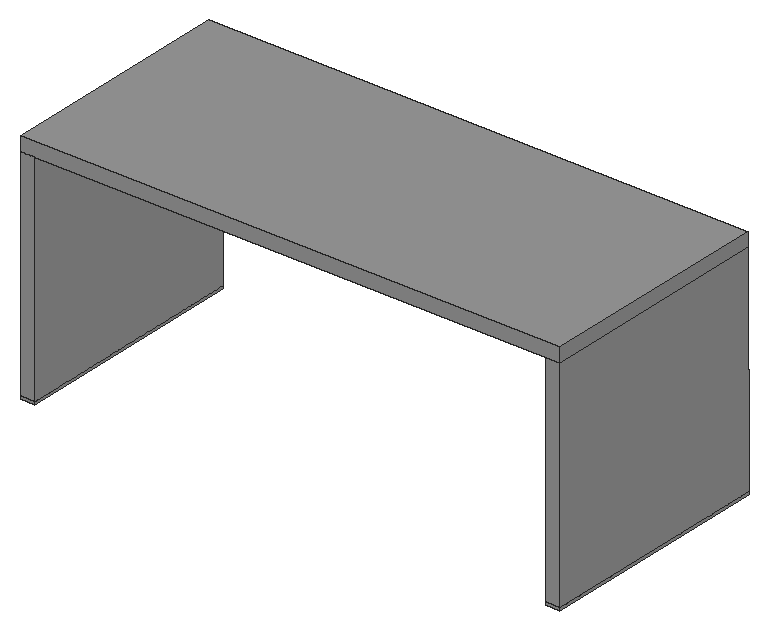
Revit family "Cocoon Community Table 42x96x42", category Generic Models, Revit 2018
Family settings
  Can host rebar = No
  Round Connector Dimension = Use Diameter
  Part Type = Normal
  Work Plane-Based = No
  Always vertical = Yes
  Cut with Voids When Loaded = No
  Shared = No
  Room Calculation Point = No
Parameters
  Frame = Cocoon Community Table 42x96x42 Frame
  Surface = Cocoon Community Table 42x96x42 Surface
Reference planes (in)
  plane 1 "Center (Front/Back)": y = 0
  plane 2: z = 0
  plane 3 "Center (Left/Right)": x = 0
Forms (in)
  Extrusion 1, solid, material "Cocoon Community Table 42x96x42 Frame" <- "Frame"
    sketch origin (0, 0, 0) x (1, 0, 0) y (0, 0, 1)
      loop
        line (-48, 0.5) -> (-48, 0) -> (-45.5, 0) -> (-45.5, 0.5) -> (-48, 0.5)
      loop
        line (48, 0.5) -> (45.5, 0.5) -> (45.5, 0) -> (48, 0) -> (48, 0.5)
    from -21 to 21
  Extrusion 2, solid, material "Cocoon Community Table 42x96x42 Surface" <- "Surface"
    sketch origin (0, 0, 13) x (1, 0, 0) y (0, 0, 1)
      loop
        line (-48, 29) -> (-48, 26.5) -> (48, 26.5) -> (48, 29) -> (-48, 29)
    from -21 to 21
  Extrusion 3, solid, material "Cocoon Community Table 42x96x42 Frame" <- "Frame"
    sketch origin (0, 0, 0) x (1, 0, 0) y (0, 0, 1)
      loop
        line (-48, 39.5) -> (-48, 0.5) -> (-45.5, 0.5) -> (-45.5, 39.5) -> (-48, 39.5)
      loop
        line (45.5, 39.5) -> (45.5, 0.5) -> (48, 0.5) -> (48, 39.5) -> (45.5, 39.5)
    from -21 to 21
  Extrusion 4, solid, material "Cocoon Community Table 42x96x42 Frame" <- "Frame"
    sketch origin (0, -90.74848, -8.58144) x (0, 1, 0) y (0, 0, 1)
      loop
        line (91.99848, 48.08144) -> (89.49848, 48.08144) -> (89.49848, 36.08144) -> (91.99848, 36.08144) -> (91.99848, 48.08144)
    from -45.5 to 45.5
Dimensions and locks (in)
  aligned and locked: level to plane 2
